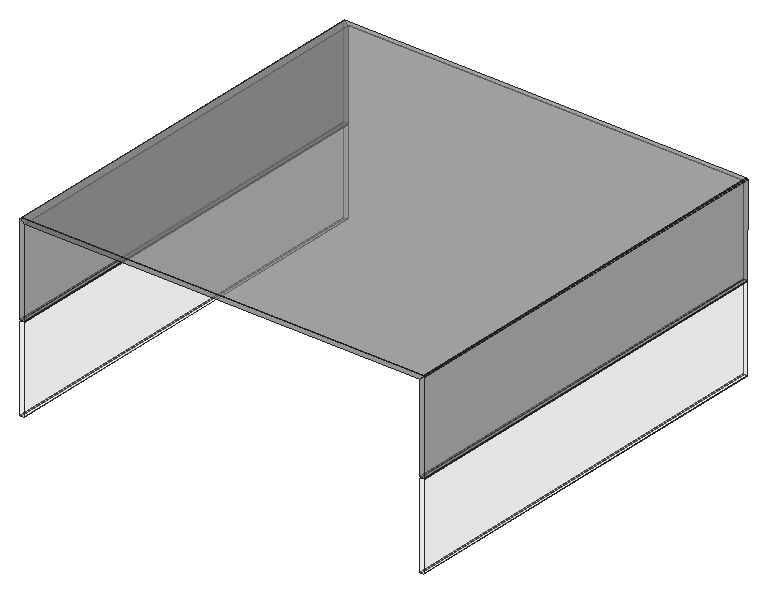
Revit family "Haworth_Cappellini_Smoke_ServiceTable_EU_PRELIMINARY", category Furniture, Revit 2018
Family settings
  OmniClass Number = 23.40.70.14.64.21
  OmniClass Title = Systems Furniture
  Work Plane-Based = No
  Always vertical = Yes
  Cut with Voids When Loaded = No
  Shared = No
  Room Calculation Point = No
Parameters (values of type "100w x 100d - Square")
  Warranty = "http://www.haworth.com/resources/product-info/warranties"
  URL - Product = "https://www.haworth.com/eu/en/products/coffee-tables/smoke.html"
  Table Finish [instance] = Haworth _ Glass _ Smoked
  Square = not(Rectangle)  # yes
  Size = "Verify Final Dim. w/Haworth"  # constant formula
  Side Bottom Height = 21 cm  # constant formula
  Rectangle = no
  Model = "SM_X"  # constant formula
  URL = "https://www.haworth.com/eu/en.html"
  Revision Number = "1"  # constant formula
  Manufacturer = "Haworth"  # constant formula
  Description = "Haworth - Cappellini - Service Table - Smoke"  # constant formula
  Chamfer = 0.1588 cm  # constant formula
  Base Finish = Haworth _ Glass _ Clear
  Author = "Haworth (Hampton, Abd Rahman)"  # constant formula
  Assembly Code = "E2020200"
  Actual Width = 100 cm  # constant formula
  Actual Height = 44 cm  # constant formula
  Table Top Thickness = 1.1 cm  # constant formula
  Actual Depth = if(Rectangle, 60 cm, 100 cm)  # 100 cm
Types (3, lengths in cm): name | Square | Rectangle | Actual Depth
  (no name) | yes | no | 100
  100w x 100d - Square | yes | no | 100
  100w x 60d - Rectangle | no | yes | 60
Reference planes (cm)
  plane 1 "Center F/B": y = -0.403
  plane 2 "Floor": z = 0
  plane 3 "Center L/R": x = 0
  plane 4 "Table Edge Left": x = -50
  plane 5 "Table Edge Right": x = 50
  plane 6: y = -50.403
  plane 7: y = 49.597
  plane 8 "Table Top Top": z = 44
  plane 9 "Left Support Location": x = -48.9
  plane 10 "Right Support Location": x = 48.9
  plane 11 "Table Top Bottom": z = 42.9
  plane 12 "Glide Top": z = 0.1588
  plane 13 "Chamfer Top": z = 43.8413
  plane 14 "Chamfer Bottom": z = 43.0588
  plane 15 "Side Seam Middle": z = 21.1588
  plane 16 "Side Chamfer Top": z = 21.3175
  plane 17 "Side Chamfer Bottom": z = 21
  plane 18 "Chamfer 1": x = -49.8413
  plane 19 "Chamfer 2": x = -49.0587
  plane 20 "Chamfer 3": x = 49.0587
  plane 21 "Chamfer 4": x = 49.8412
  plane 22 "Chamfer 5": z = 43.6825
  plane 23 "Chamfer 6": x = -49.6825
  plane 24 "Chamfer 7": x = 49.6825
Forms (cm)
  Extrusion 1, solid, material "Haworth _ Glass _ Smoked" <- "Table Finish"
    sketch origin (0, -28.5017, 0) x (-1, 0, 0) y (0, 0, 1)
      loop
        line (49.6825, 44) -> (-49.6825, 44) -> (-49.8412, 43.8413) -> (-48.9, 42.9) -> (48.9, 42.9) -> (49.8413, 43.8413) -> (49.6825, 44)
    from -21.9012 to 78.0988
  Extrusion 2, solid, material "Haworth _ Glass _ Smoked" <- "Table Finish"
    sketch origin (0, -28.5017, 0) x (-1, 0, 0) y (0, 0, 1)
      loop
        line (49.8413, 21.1588) -> (50, 21.3175) -> (50, 43.6825) -> (49.8413, 43.8413) -> (48.9, 42.9) -> (48.9, 21.3175) -> (49.0588, 21.1588) -> (49.8413, 21.1588)
    from -21.9012 to 78.0988
  Extrusion 3, solid, material "Haworth _ Glass _ Smoked" <- "Table Finish"
    sketch origin (0, -28.5017, 0) x (1, 0, 0) y (0, 0, -1)
      loop
        line (49.8412, -21.1588) -> (49.0587, -21.1588) -> (48.9, -21.3175) -> (48.9, -42.9) -> (49.8412, -43.8413) -> (50, -43.6825) -> (50, -21.3175) -> (49.8412, -21.1588)
    from -21.9012 to 78.0988
  Extrusion 4, solid, material "Haworth _ Glass _ Clear" <- "Base Finish"
    sketch origin (0, -28.5017, 0) x (-1, 0, 0) y (0, 0, 1)
      loop
        line (48.9, 21) -> (48.9, 0.1588) -> (49.0588, 0) -> (49.8413, 0) -> (50, 0.1588) -> (50, 21) -> (49.8413, 21.1588) -> (49.0588, 21.1588) -> (48.9, 21)
    from -21.9012 to 78.0988
  Extrusion 5, solid, material "Haworth _ Glass _ Clear" <- "Base Finish"
    sketch origin (0, -28.5017, 0) x (1, 0, 0) y (0, 0, -1)
      loop
        line (48.9, -21) -> (49.0587, -21.1588) -> (49.8412, -21.1588) -> (50, -21) -> (50, -0.1588) -> (49.8412, 0) -> (49.0587, 0) -> (48.9, -0.1588) -> (48.9, -21)
    from -21.9012 to 78.0988
Lines and regions (cm)
  Masking region 1
    outline origin (0, 0, 68.58) x (0, -1, 0) y (1, 0, 0)
      loop
        line (-49.597, -50) -> (50.403, -50) -> (50.403, 50) -> (-49.597, 50) -> (-49.597, -50)
  symbolic lines, detail levels fine
    curve 1: line (-48.9, 49.597, 72.9059) -> (-48.9, -50.403, 72.9059)
    curve 2: line (48.9, -50.403, 72.9059) -> (48.9, 49.597, 72.9059)
Dimensions and locks (cm)
  "Actual Depth": plane 7 to plane 6
  "Actual Width": plane 4 "Table Edge Left" to plane 5 "Table Edge Right"
  equal spacing: plane 4 "Table Edge Left", plane 3 "Center L/R", plane 5 "Table Edge Right"
  equal spacing: plane 7, plane 1 "Center F/B", plane 6
  "Actual Height": plane 8 "Table Top Top" to level
  "Table Top Thickness": plane 4 "Table Edge Left" to plane 9 "Left Support Location"
  "Table Top Thickness": plane 10 "Right Support Location" to plane 5 "Table Edge Right"
  "Table Top Thickness": plane 8 "Table Top Top" to plane 11 "Table Top Bottom"
  "Chamfer": plane 12 "Glide Top" to plane 2 "Floor"
  "Chamfer": plane 14 "Chamfer Bottom" to plane 11 "Table Top Bottom"
  "Chamfer": plane 8 "Table Top Top" to plane 13 "Chamfer Top"
  "Side Bottom Height": plane 15 "Side Seam Middle" to plane 12 "Glide Top"
  "Chamfer": plane 15 "Side Seam Middle" to plane 17 "Side Chamfer Bottom"
  "Chamfer": plane 16 "Side Chamfer Top" to plane 15 "Side Seam Middle"
  "Chamfer": plane 18 "Chamfer 1" to plane 4 "Table Edge Left"
  "Chamfer": plane 9 "Left Support Location" to plane 19 "Chamfer 2"
  "Chamfer": plane 20 "Chamfer 3" to plane 10 "Right Support Location"
  "Chamfer": plane 5 "Table Edge Right" to plane 21 "Chamfer 4"
  "Chamfer": plane 23 "Chamfer 6" to plane 18 "Chamfer 1"
  "Chamfer": plane 13 "Chamfer Top" to plane 22 "Chamfer 5"
  "Chamfer": plane 21 "Chamfer 4" to plane 24 "Chamfer 7"
  aligned and locked: plane 4 "Table Edge Left" to Masking region 1 sketch curve
  aligned and locked: Masking region 1 sketch curve to plane 7
  aligned and locked: plane 7 to curve 1
  aligned and locked: plane 6 to curve 1
  aligned and locked: plane 6 to curve 2
  aligned and locked: plane 7 to curve 2
  aligned and locked: Extrusion 1 sketch curve to plane 11 "Table Top Bottom"
  aligned and locked: plane 10 "Right Support Location" to Extrusion 1 sketch curve
  aligned and locked: plane 9 "Left Support Location" to Extrusion 1 sketch curve
  aligned and locked: plane 8 "Table Top Top" to Extrusion 1 sketch curve
  aligned and locked: plane 18 "Chamfer 1" to Extrusion 1 sketch curve
  aligned and locked: plane 13 "Chamfer Top" to Extrusion 1 sketch curve  (x2)
  aligned and locked: plane 11 "Table Top Bottom" to Extrusion 1 sketch curve
  aligned and locked: plane 21 "Chamfer 4" to Extrusion 1 sketch curve
  aligned and locked: plane 24 "Chamfer 7" to Extrusion 1 sketch curve
  aligned and locked: plane 23 "Chamfer 6" to Extrusion 1 sketch curve
  aligned and locked: Extrusion 1 sketch curve to plane 8 "Table Top Top"
  aligned and locked: Extrusion 1 to plane 6
  aligned and locked: plane 7 to Extrusion 1
  aligned and locked: plane 18 "Chamfer 1" to Extrusion 2 sketch curve  (x2)
  aligned and locked: plane 15 "Side Seam Middle" to Extrusion 2 sketch curve  (x2)
  aligned and locked: plane 19 "Chamfer 2" to Extrusion 2 sketch curve
  aligned and locked: plane 9 "Left Support Location" to Extrusion 2 sketch curve  (x2)
  aligned and locked: Extrusion 2 sketch curve to plane 4 "Table Edge Left"
  aligned and locked: plane 4 "Table Edge Left" to Extrusion 2 sketch curve
  aligned and locked: plane 16 "Side Chamfer Top" to Extrusion 2 sketch curve  (x2)
  aligned and locked: plane 11 "Table Top Bottom" to Extrusion 2 sketch curve
  aligned and locked: plane 13 "Chamfer Top" to Extrusion 2 sketch curve
  aligned and locked: plane 22 "Chamfer 5" to Extrusion 2 sketch curve
  aligned and locked: Extrusion 2 to plane 6
  aligned and locked: plane 7 to Extrusion 2
  aligned and locked: Extrusion 3 sketch curve to plane 5 "Table Edge Right"
  aligned and locked: plane 22 "Chamfer 5" to Extrusion 3 sketch curve
  aligned and locked: plane 21 "Chamfer 4" to Extrusion 3 sketch curve  (x2)
  aligned and locked: plane 13 "Chamfer Top" to Extrusion 3 sketch curve
  aligned and locked: plane 11 "Table Top Bottom" to Extrusion 3 sketch curve
  aligned and locked: plane 10 "Right Support Location" to Extrusion 3 sketch curve  (x2)
  aligned and locked: plane 16 "Side Chamfer Top" to Extrusion 3 sketch curve  (x2)
  aligned and locked: plane 20 "Chamfer 3" to Extrusion 3 sketch curve
  aligned and locked: plane 15 "Side Seam Middle" to Extrusion 3 sketch curve  (x2)
  aligned and locked: plane 5 "Table Edge Right" to Extrusion 3 sketch curve
  aligned and locked: Extrusion 3 to plane 6
  aligned and locked: plane 7 to Extrusion 3
  aligned and locked: plane 15 "Side Seam Middle" to Extrusion 4 sketch curve  (x2)
  aligned and locked: plane 18 "Chamfer 1" to Extrusion 4 sketch curve  (x2)
  aligned and locked: plane 19 "Chamfer 2" to Extrusion 4 sketch curve  (x2)
  aligned and locked: plane 9 "Left Support Location" to Extrusion 4 sketch curve  (x2)
  aligned and locked: plane 17 "Side Chamfer Bottom" to Extrusion 4 sketch curve  (x2)
  aligned and locked: level to Extrusion 4 sketch curve
  aligned and locked: plane 2 "Floor" to Extrusion 4 sketch curve
  aligned and locked: plane 12 "Glide Top" to Extrusion 4 sketch curve  (x2)
  aligned and locked: plane 4 "Table Edge Left" to Extrusion 4 sketch curve
  aligned and locked: Extrusion 4 sketch curve to plane 4 "Table Edge Left"
  aligned and locked: Extrusion 4 to plane 6
  aligned and locked: plane 7 to Extrusion 4
  aligned and locked: plane 21 "Chamfer 4" to Extrusion 5 sketch curve  (x2)
  aligned and locked: plane 15 "Side Seam Middle" to Extrusion 5 sketch curve  (x2)
  aligned and locked: plane 20 "Chamfer 3" to Extrusion 5 sketch curve  (x2)
  aligned and locked: plane 10 "Right Support Location" to Extrusion 5 sketch curve  (x2)
  aligned and locked: Extrusion 5 sketch curve to plane 5 "Table Edge Right"
  aligned and locked: plane 17 "Side Chamfer Bottom" to Extrusion 5 sketch curve  (x2)
  aligned and locked: plane 12 "Glide Top" to Extrusion 5 sketch curve  (x2)
  aligned and locked: level to Extrusion 5 sketch curve  (x2)
  aligned and locked: Extrusion 5 to plane 6
  aligned and locked: plane 7 to Extrusion 5
Automatic sketch dimensions
  Masking region 1 sketch curve to plane 6 = 0 cm
  Masking region 1 sketch curve to plane 5 "Table Edge Right" = 0 cm
  curve 2 to plane 10 "Right Support Location" = 0 cm
  curve 1 to plane 9 "Left Support Location" = 0 cm
